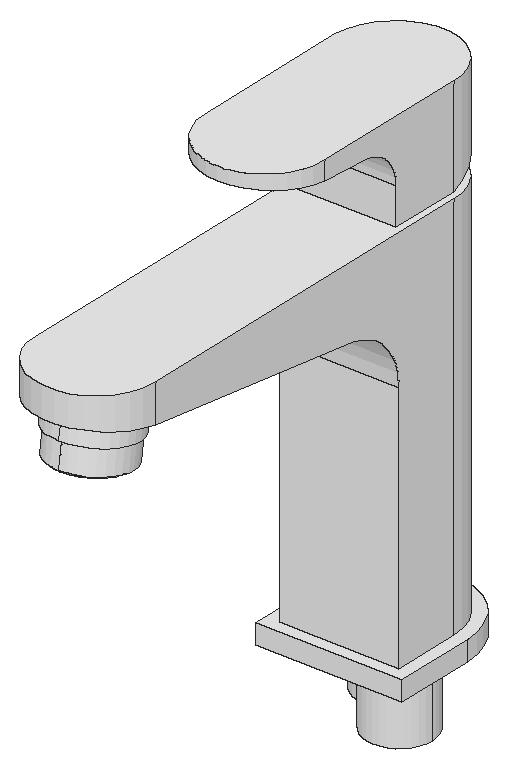
Revit family "Mixer-Basin-Caroma Track Mini", category Plumbing Fixtures, host Face, Revit 2014
Parameters (values of type "Standard")
  Width_ANZRS = 153 mm  # constant formula
  Waste Connection = no
  WELSRating_ANZRS = "WELS 6 Star rated, 4.5L/min"  # constant formula
  Vent Connection = no
  URL = "http://specify.caroma.com.au/products/mixer-taps/track/track-mini-basin-mixer"
  Type Comments = "Caroma Track Mini Basin Mixer"  # constant formula
  ModifiedIssue_ANZRS = 20150112.01  # constant formula
  Model = "90216C6A"  # constant formula
  Material_ANZRS = Metal-Chrome-Caroma
  Manufacturer = "GWA Bathrooms & Kitchens"  # constant formula
  Length_ANZRS = 44 mm  # constant formula
  Height_ANZRS = 156 mm  # constant formula
  HWFU = 1.18  # constant formula
  HW Connection = yes
  Description = "Track mixers and showers from Australia's leading bathroom brand will lift the feel of any bathroom. Choose the clean, contemporary European design without the European price."  # constant formula
  Default Elevation = 0 mm
  CreatedBy_ANZRS = "Design Content"  # constant formula
  CreatedByURL_ANZRS = "http://www.designcontent.com.au"
  Cost = 0
  Connector Radius = 10 mm  # constant formula
  CWFU = 1.18  # constant formula
  CW Connection = yes
  Assembly Code = "D2020300"
Reference planes
  plane 1 "Center (Front/Back)": y = 0
  plane 2: z = 0
  plane 3 "Center (Left/Right)": x = 0
Forms (mm)
  Extrusion 1, solid, material "Metal-Chrome-Caroma" <- "Material_ANZRS"
    sketch origin (14.142, 0, 0) x (1, 0, 0) y (0, 1, 0)
      loop
        circle (-7.071, -7.071) r 10
    from -20 to 0
  Extrusion 2, solid, material "Metal-Chrome-Caroma" <- "Material_ANZRS"
    sketch origin (-14.142, 0, 0) x (-1, 0, 0) y (0, -1, 0)
      loop
        circle (-7.071, -7.071) r 10
    from -20 to 0
  Extrusion 3, void
    sketch origin (0, 0, -1.5) x (0, 1, 0) y (0, 0, 1)
      loop
        line (-22, 126.443) -> (-22, 138.845)
        arc (-22, 138.845) -> (-25.186, 146.988) -> (-33.051, 150.808) r 12
        line (-33.051, 150.808) -> (-86.224, 155.025) -> (-86.224, 126.443) -> (-22, 126.443)
      loop
        line (24.828, 138.536) -> (-2.456, 126.405) -> (24.828, 126.405) -> (24.828, 138.536)
    from -50 to 50
  Extrusion 4, solid, material "Metal-Chrome-Caroma" <- "Material_ANZRS"
    sketch origin (0, 0, 0) x (1, 0, 0) y (0, 1, 0)
      loop
        arc (18, 0) -> (0, 18) -> (-18, 0) r 18
        line (-18, 0) -> (-18, -113)
        arc (-18, -113) -> (0, -131) -> (18, -113) r 18
        line (18, -113) -> (18, 0)
    from 6 to 124
  Revolve 5, solid, material "Metal-Chrome-Caroma" <- "Material_ANZRS"
    sketch origin (0, 0, 0) x (0, 1, 0) y (0, 0, 1)
      loop
        line (0, 124) -> (14.073, 124)
        arc (14.073, 124) -> (13.236, 129.21) -> (11.021, 134) r 19.315
        line (11.021, 134) -> (0, 134) -> (0, 124)
      axis (0, 124) -> (0, 134)
    angle from 0 to 360
  Extrusion 6, solid, material "Metal-Chrome-Caroma" <- "Material_ANZRS"
    sketch origin (0, 0, 0) x (1, 0, 0) y (0, 1, 0)
      loop
        arc (-18, -49) -> (0, -67) -> (18, -49) r 18
        line (18, -49) -> (18, 0)
        arc (18, 0) -> (0, 18) -> (-18, 0) r 18
        line (-18, 0) -> (-18, -49)
    from 126 to 156
  Extrusion 7, void
    sketch origin (0, 0, 0) x (0, 1, 0) y (0, 0, 1)
      loop
        line (-21, -2.818) -> (-21, 82.155)
        arc (-21, 82.155) -> (-25.906, 95.276) -> (-38.217, 101.96) r 20
        line (-38.217, 101.96) -> (-135.292, 115.603) -> (-135.292, -2.818) -> (-21, -2.818)
    from -50 to 50
  Revolve 8, solid, material "Metal-Chrome-Caroma" <- "Material_ANZRS"
    sketch origin (0, 0, 0) x (0, 1, 0) y (0, 0, 1)
      loop
        line (-115.263, 97.641) -> (-104.372, 96.11) -> (-103.296, 96.589) -> (-102.2, 104.389) -> (-101.206, 104.249) -> (-100.302, 110.686) -> (-113.175, 112.495) -> (-115.263, 97.641)
      axis (-115.263, 97.641) -> (-113.175, 112.495)
    angle from 0 to 360
  Extrusion 9, solid, material "Metal-Chrome-Caroma" <- "Material_ANZRS"
    sketch origin (0, 0, 0) x (1, 0, 0) y (0, 1, 0)
      loop
        line (-22, 0) -> (-22, -25) -> (22, -25) -> (22, 0)
        arc (22, 0) -> (0, 22) -> (-22, 0) r 22
    from 0 to 6
Cuts and joins
  Extrusion 7 cuts Extrusion 4
  Extrusion 3 cuts Extrusion 6
  joined: Extrusion 4, Revolve 5, Extrusion 6, Revolve 8
Lines and regions (mm)
  Masking region 1
    outline origin (0, 0, 0) x (1, 0, 0) y (0, 1, 0)
      loop
        arc (22, 0) -> (0, 22) -> (-22, 0) r 22
        line (-22, 0) -> (-22, -25) -> (-18, -25) -> (-18, -113)
        arc (-18, -113) -> (0, -131) -> (18, -113) r 18
        line (18, -113) -> (18, -25) -> (22, -25) -> (22, 0)
  Masking region 2
    outline origin (0, 0, 0) x (1, 0, 0) y (0, 0, 1)
      loop
        line (-22, 0) -> (22, 0) -> (22, 6) -> (18, 6) -> (18, 124) -> (14.073, 124) -> (13.924, 126) -> (18, 126) -> (18, 156) -> (0, 156) -> (-18, 156) -> (-18, 126) -> (-13.924, 126) -> (-14.073, 124) -> (-18, 124) -> (-18, 6) -> (-22, 6) -> (-22, 0)
  Masking region 3
    outline origin (0, 0, 0) x (0, 1, 0) y (0, 0, 1)
      loop
        line (22, 0) -> (22, 6) -> (18, 6) -> (18, 124) -> (14.073, 124)
        arc (14.073, 124) -> (13.585, 127.832) -> (12.39, 131.506) r 20.606
        line (12.39, 131.506) -> (18, 134) -> (18, 156) -> (-67, 156) -> (-67, 152) -> (-33.051, 149.308)
        arc (-33.051, 149.308) -> (-25.186, 145.488) -> (-22, 137.345) r 12
        line (-22, 137.345) -> (-22, 126) -> (-13.91, 126)
        arc (-13.91, 126) -> (-14.016, 125.002) -> (-14.073, 124) r 20.606
        line (-14.073, 124) -> (-131, 124) -> (-131, 115) -> (-126.049, 114.304) -> (-126.953, 107.867) -> (-125.96, 107.728) -> (-127.056, 99.929) -> (-126.154, 99.171) -> (-104.372, 96.11) -> (-103.296, 96.589) -> (-102.2, 104.389) -> (-101.206, 104.249) -> (-100.302, 110.686) -> (-38.217, 101.96)
        arc (-38.217, 101.96) -> (-25.906, 95.276) -> (-21, 82.155) r 20
        line (-21, 82.155) -> (-21, 6) -> (-25, 6) -> (-25, 0) -> (22, 0)
  symbolic lines, style "Taps/Mixers"
    curve 1: arc (-18, -49, 0) -> (0, -67, 0) -> (18, -49, 0) r 18
    curve 2: arc (18, 0, 0) -> (0, 18, 0) -> (-18, 0, 0) r 18
    curve 3: line (-18, 0, 0) -> (-18, -49, 0)
    curve 4: line (18, 0, 0) -> (18, -49, 0)
    curve 5: line (-18, 0, 6) -> (18, 0, 6)
    curve 6: spline (10.998, 0, 97.641) -> (10.623, 0, 98.037) -> (9.524, 0, 98.406) -> (7.777, 0, 98.723) -> (5.499, 0, 98.966) -> (2.846, 0, 99.119) -> (0, 0, 99.171) -> (-2.846, 0, 99.119) -> (-5.499, 0, 98.966) -> (-7.777, 0, 98.723) -> (-9.524, 0, 98.406) -> (-10.623, 0, 98.037) -> (-10.998, 0, 97.641) -> (-10.623, 0, 97.245) -> (-9.524, 0, 96.876) -> (-7.777, 0, 96.559) -> (-5.499, 0, 96.315) -> (-2.846, 0, 96.162) -> (0, 0, 96.11) -> (2.846, 0, 96.162) -> (5.499, 0, 96.315) -> (7.777, 0, 96.559) -> (9.524, 0, 96.876) -> (10.623, 0, 97.245) -> (10.998, 0, 97.641)
    curve 7: spline (11.609, 0, 97.838) -> (11.982, 0, 98.341) -> (11.254, 0, 98.837) -> (9.493, 0, 99.28) -> (6.859, 0, 99.629) -> (3.594, 0, 99.852) -> (0, 0, 99.929) -> (-3.594, 0, 99.852) -> (-6.859, 0, 99.629) -> (-9.493, 0, 99.28) -> (-11.254, 0, 98.837) -> (-11.982, 0, 98.341) -> (-11.609, 0, 97.838)
    curve 8: line (11.609, 0, 97.838) -> (10.8, 0, 97.352)
    curve 9: line (-11.609, 0, 97.838) -> (-10.8, 0, 97.352)
    curve 10: spline (11.997, 0, 106.058) -> (11.588, 0, 106.49) -> (10.389, 0, 106.893) -> (8.483, 0, 107.239) -> (5.998, 0, 107.504) -> (3.105, 0, 107.671) -> (0, 0, 107.728) -> (-3.105, 0, 107.671) -> (-5.998, 0, 107.504) -> (-8.483, 0, 107.239) -> (-10.389, 0, 106.893) -> (-11.588, 0, 106.49) -> (-11.997, 0, 106.058)
    curve 11: line (-11.997, 0, 106.058) -> (-11.997, 0, 98.259)
    curve 12: line (11.997, 0, 106.058) -> (11.997, 0, 98.259)
    curve 13: spline (11.997, 0, 105.361) -> (12.97, 0, 105.936) -> (12.563, 0, 106.523) -> (10.819, 0, 107.061) -> (7.923, 0, 107.493) -> (4.184, 0, 107.771) -> (0, 0, 107.867) -> (-4.184, 0, 107.771) -> (-7.923, 0, 107.493) -> (-10.819, 0, 107.061) -> (-12.563, 0, 106.523) -> (-12.97, 0, 105.936) -> (-11.997, 0, 105.361)
    curve 14: spline (-13, 0, 112.495) -> (-12.557, 0, 112.963) -> (-11.258, 0, 113.4) -> (-9.192, 0, 113.774) -> (-6.5, 0, 114.062) -> (-3.365, 0, 114.242) -> (0, 0, 114.304) -> (3.365, 0, 114.242) -> (6.5, 0, 114.062) -> (9.192, 0, 113.774) -> (11.258, 0, 113.4) -> (12.557, 0, 112.963) -> (13, 0, 112.495)
    curve 15: spline (-17.976, 0, 112.47) -> (-17.402, 0, 113.123) -> (-15.628, 0, 113.732) -> (-12.775, 0, 114.256) -> (-9.04, 0, 114.658) -> (-4.682, 0, 114.911) -> (0, 0, 114.997) -> (4.682, 0, 114.911) -> (9.04, 0, 114.658) -> (12.775, 0, 114.256) -> (15.628, 0, 113.732) -> (17.402, 0, 113.123) -> (17.976, 0, 112.47)
    curve 16: line (-13, 0, 112.495) -> (-13, 0, 106.058)
    curve 17: line (13, 0, 112.495) -> (13, 0, 106.058)
    curve 18: line (-14.073, 0, 124) -> (14.073, 0, 124)
    curve 19: line (-13.924, 0, 126) -> (13.924, 0, 126)
    curve 20: spline (17.992, 0, 150.572) -> (17.392, 0, 150.941) -> (15.601, 0, 151.286) -> (12.743, 0, 151.581) -> (9.013, 0, 151.808) -> (4.666, 0, 151.951) -> (0, 0, 152) -> (-4.666, 0, 151.951) -> (-9.013, 0, 151.808) -> (-12.743, 0, 151.581) -> (-15.601, 0, 151.286) -> (-17.392, 0, 150.941) -> (-17.992, 0, 150.572)
    curve 21: line (0, 22, 6) -> (0, -25, 6)
    curve 22: line (0, -101.206, 104.249) -> (0, -126.953, 107.867)
    curve 23: line (0, -127.056, 99.929) -> (0, -103.296, 96.589)
    curve 24: line (0, -38.217, 101.96) -> (0, -130.869, 114.982)
    curve 25: line (0, 18, 124) -> (0, -131, 124)
    curve 26: line (0, -22, 126) -> (0, 0.007, 126)
    curve 27: line (0, 17.869, 133.942) -> (0, 0.007, 126)
Dimensions and locks
  aligned and locked: plane 2 to host face
  aligned and locked: level to host face
Connectors
  piping at (7.071, -7.071, -20), diameter 20, driven by "Connector Radius", driven by "CWFU"
    settings: on Extrusion 1, index 5, connector inside diameter 0.7874", connector length 0 mm, flow factor 0, pipe flow 0 GPM, pressure drop 0.00 psi, fitting loss kfactor 0, connector angle 0.00°, fixture units 1.18, engagement length 0 mm, angle of deflection 0.00°, flow configuration 3, flow direction 1, fitting loss method 101, system type 20, joint type 0, gender type 0, connector reference index -1, connector utility 0, adjustable connector no, is connector primary yes, connector description ""
  piping at (-7.071, 7.071, -20), diameter 20, driven by "Connector Radius", driven by "HWFU"
    settings: on Extrusion 2, index 6, connector inside diameter 0.7874", connector length 0 mm, flow factor 0, pipe flow 0 GPM, pressure drop 0.00 psi, fitting loss kfactor 0, connector angle 0.00°, fixture units 1.18, engagement length 0 mm, angle of deflection 0.00°, flow configuration 3, flow direction 1, fitting loss method 101, system type 19, joint type 0, gender type 0, connector reference index -1, connector utility 0, adjustable connector no, is connector primary no, connector description ""
